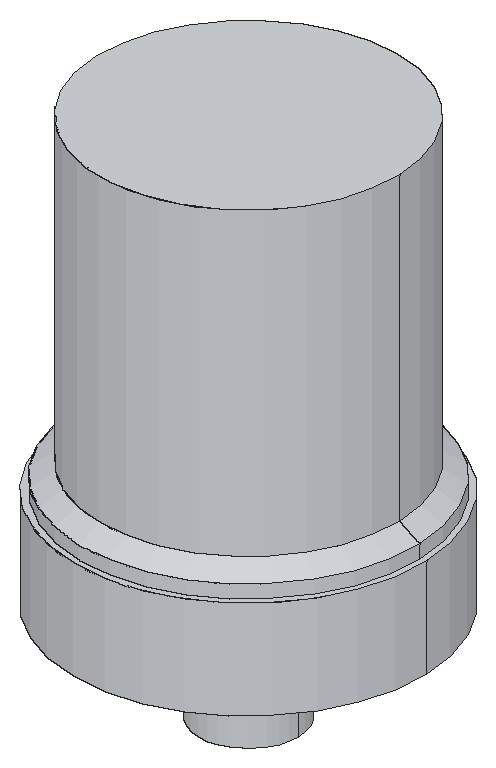
Revit family "307_5351282f38ed42f992f4f57b8bada2", category Pipe Accessories, Revit 2022
Family settings
  Round Connector Dimension = Use Diameter
  Part Type = Breaks Into
  Work Plane-Based = No
  Always vertical = Yes
  Cut with Voids When Loaded = No
  Shared = No
Parameters (values of type "2895 12")
  magiProductId = "7c6b007c90a0416182bfe3cad84858"
  magiProductFamilyId = "5351282f38ed42f992f4f57b8bada2"
  magiPartTypeId = 307
  isMeasuringValve [instance] = no
  ang2D [instance] = 0.00°
  W2D = 15 mm
  VersionID = "2.0/2018.5.23.1/FAR_2895_001"
  Use Minimum Symbol Size [instance] = yes
  QmdConnectorList = "301;D"
  Productdata [instance] = "© MagiCAD Group, all rights reserved"
  Manufacturer = "FAR"
  MC Product Code = "2895 12"
  L2D_Min = 3048 mm
  L2D = 53 mm
  HH = 46 mm
  Description = "Water hammer arrester, ½” Male conn., max. pressure 50 bar"
  Default Elevation = 0 mm
  DL5 = 22.5 mm
  DL2 = 25.5 mm
  DL = 26.5 mm
  D28 = 15.5 mm
  D24 = 11.5 mm
  D2 = 7.5 mm
  D = 15 mm
  C__ve = -C  # -11 mm
  C = 11 mm
Reference planes
  plane 1 "Center (Front/Back)": y = 0
  plane 2 "XYPLANE": z = 0
  plane 3 "Center (Left/Right)": x = 0
  plane 4 "60": z = 23
  plane 5 "59": z = 21
  plane 6 "58": z = 19
  plane 7 "52": z = 4
  plane 8 "51": z = 2
  plane 9 "31": y = 0
  plane 10 "30": x = 0
  plane 11 "29": z = 0
Forms (mm)
  Extrusion 1, solid
    sketch origin (-750, 0, 23) x (1, 0, 0) y (0, 1, 0)
      loop
        circle (750, 0) r 22.5
    from 0 to 46 <- "HH"
  Blend 2, solid
    base sketch origin (-750, 0, 23) x (1, 0, 0) y (0, 1, 0)
      loop
        circle (750, 0) r 22.5
    top sketch origin (-750, 0, 23) x (1, 0, 0) y (0, 1, 0)
      loop
        circle (750, 0) r 25.5
    from 0 to -2
  Extrusion 3, solid
    sketch origin (-750, 0, 19) x (1, 0, 0) y (0, 1, 0)
      loop
        circle (750, 0) r 25.5
    from 0 to 2
  Blend 4, solid
    base sketch origin (-750, 0, 2) x (1, 0, 0) y (0, 1, 0)
      loop
        circle (750, 0) r 11.5
    top sketch origin (-750, 0, 2) x (1, 0, 0) y (0, 1, 0)
      loop
        circle (750, 0) r 15.5
    from 0 to 2
  Extrusion 5, solid
    sketch origin (-750, 0, 0) x (1, 0, 0) y (0, 1, 0)
      loop
        circle (750, 0) r 7.5
    from 0 to -11 <- "C__ve"
  Extrusion 6, solid
    sketch origin (-750, 0, 4) x (1, 0, 0) y (0, 1, 0)
      loop
        circle (750, 0) r 26.5
    from 0 to 15
  Extrusion 7, solid
    sketch origin (-750, 0, 0) x (1, 0, 0) y (0, 1, 0)
      loop
        circle (750, 0) r 11.5
    from 0 to 5
  Extrusion 8, solid, not visible
    sketch origin (-750, 0, 0) x (1, 0, 0) y (0, 1, 0)
      loop
        circle (750, 0) r 10
    from 0 to 10
Lines and regions (mm)
  reference lines, not visible
    curve 1: circle (2, 2, 0) r 1 normal (0, 0, 1)
Dimensions and locks
  plane 1 "Center (Front/Back)" to curve 1 = 2 mm
  locked: plane 5 "59" to plane 4 "60" at 2
  locked: plane 6 "58" to plane 5 "59" at 2
  locked: plane 7 "52" to plane 6 "58" at 15
  locked: plane 2 "XYPLANE" to plane 7 "52" at 4
  locked: plane 2 "XYPLANE" to plane 8 "51" at 2
  locked: plane 1 "Center (Front/Back)" to plane 9 "31"
  locked: plane 3 "Center (Left/Right)" to plane 10 "30"
  locked: plane 2 "XYPLANE" to plane 11 "29"
  "DL5": radius of Extrusion 1 sketch curve
  "DL2": radius of Blend 2 sketch curve
  "DL5": radius of Blend 2 sketch curve
  "DL2": radius of Extrusion 3 sketch curve
  "D28": radius of Blend 4 sketch curve
  "D24": radius of Blend 4 sketch curve
  "D2": radius of Extrusion 5 sketch curve
  "DL": radius of Extrusion 6 sketch curve
  "D24": radius of Extrusion 7 sketch curve
  aligned and locked: level to plane 2 "XYPLANE"
  aligned and locked: plane 9 "31" to Extrusion 1 sketch curve
  aligned and locked: plane 10 "30" to Extrusion 1 sketch curve
  aligned and locked: plane 9 "31" to Blend 2 sketch curve  (x2)
  aligned and locked: plane 10 "30" to Blend 2 sketch curve  (x2)
  aligned and locked: Blend 2 to plane 5 "59"
  aligned and locked: plane 9 "31" to Extrusion 3 sketch curve
  aligned and locked: plane 10 "30" to Extrusion 3 sketch curve
  aligned and locked: plane 9 "31" to Blend 4 sketch curve  (x2)
  aligned and locked: plane 10 "30" to Blend 4 sketch curve  (x2)
  aligned and locked: plane 7 "52" to Blend 4
  aligned and locked: plane 9 "31" to Extrusion 5 sketch curve
  aligned and locked: plane 10 "30" to Extrusion 5 sketch curve
  aligned and locked: plane 9 "31" to Extrusion 6 sketch curve
  aligned and locked: plane 10 "30" to Extrusion 6 sketch curve
  aligned and locked: plane 9 "31" to Extrusion 7 sketch curve
  aligned and locked: plane 10 "30" to Extrusion 7 sketch curve
  aligned and locked: plane 9 "31" to Extrusion 8 sketch curve
  aligned and locked: plane 10 "30" to Extrusion 8 sketch curve
Automatic sketch dimensions
  plane 1 "Center (Front/Back)" to Extrusion 8 sketch curve = 10 mm
  plane 3 "Center (Left/Right)" to curve 1 = 2 mm
  radius of curve 1 = 1 mm
Connectors
  piping at (0, 0, 0), diameter 15, driven by "D"
    settings: on Extrusion 8, index 1, connector inside diameter 609.6 mm, connector length 0 mm, flow factor 0, pipe flow 0.0 L/s, pressure drop 0.0 Pa, fitting loss kfactor 0, connector angle 0.00°, fixture units 0, engagement length 0 mm, angle of deflection 0.00°, flow configuration 1, flow direction 1, fitting loss method 0, system type 29, joint type 0, gender type 0, connector reference index -1, connector utility 0, adjustable connector no, is connector primary yes, connector description ""
